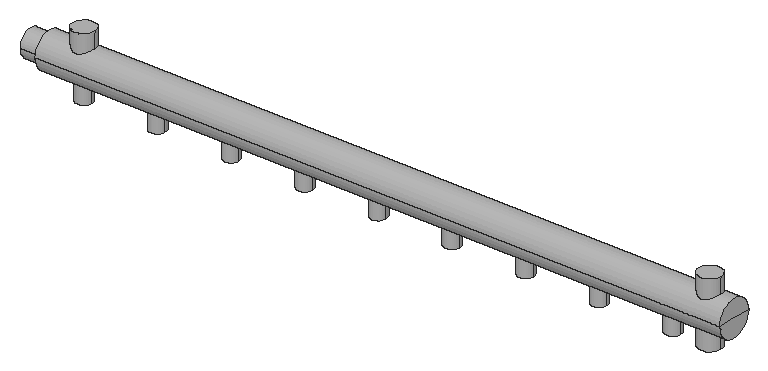
Revit family "VTc.510.BS", category Арматура трубопроводов, Revit 2019
Family settings
  Размер круглого соединителя = Использовать диаметр
  Тип детали = Нормальный
  На основе рабочей плоскости = Нет
  Всегда вертикально = Да
  При загрузке вырезать с полостями = Нет
  Общий = Нет
Parameters
  Type Comments = ""
  Изготовитель = "VALTEC"
  Группа модели = "Коллекторы для воды"
  kv [instance] = if(and(Количество выпусков = 2), 2 mm, if(and(Количество выпусков > 9), 0 mm, Количество выпусков * 1 mm))  # 9 mm
  URL = "https://valtec.ru/"
  N [instance] = 100 mm  # constant formula
  L [instance] = if(and(kv = 2 mm), 255 mm, if(and(kv = 3 mm), 355 mm, if(and(kv = 4 mm), 455 mm, if(and(kv = 5 mm), 555 mm, if(and(kv = 6 mm), 655 mm, if(and(kv = 7 mm), 755 mm, if(and(kv = 8 mm), 855 mm, if(and(kv = 9 mm), 955 mm, kv * 1))))))))  # 955 mm
  Количество выпусков [instance] = 9
  ADSK_Позиция [instance] = ""
  ADSK_Обозначение [instance] = "VTc.510.BS"  # constant formula
  ADSK_Наименование [instance] = "Коллектор из стали с межосевым расстоянием выходов 100 мм"  # constant formula
  ADSK_Материал [instance] = Сталь 3
  ADSK_Масса [instance] = if(and(kv = 2 mm), 1.24, if(and(kv = 3 mm), 1.65, if(and(kv = 4 mm), 2.06, if(and(kv = 5 mm), 2.47, if(and(kv = 6 mm), 2.88, if(and(kv = 7 mm), 3.28, if(and(kv = 8 mm), 3.7, if(and(kv = 9 mm), 3.69, 0))))))))  # 3.69
  ADSK_Код изделия [instance] = if(and(kv = 2 mm), "VTc.510.BS.060402", if(and(kv = 3 mm), "VTc.510.BS.060403", if(and(kv = 4 mm), "VTc.510.BS.060404", if(and(kv = 5 mm), "VTc.510.BS.060405", if(and(kv = 6 mm), "VTc.510.BS.060406", if(and(kv = 7 mm), "VTc.510.BS.060407", if(and(kv = 8 mm), "VTc.510.BS.060408", if(and(kv = 9 mm), "VTc.510.BS.060409", "ошибка"))))))))  # "VTc.510.BS.060409"
  ADSK_Завод-изготовитель [instance] = Изготовитель  # "VALTEC"
  ADSK_Единица измерения [instance] = "шт."  # constant formula
  ADSK_URL страницы изделия [instance] = "https://valtec.ru/catalog/kollektornye_sistemy/kollektory_dlya_vody/kollektor_iz_stali_s_mejosevym_rasstoyaniem_vyhodov_100_mm.html"
  ADSK_URL документации изделия [instance] = "https://valtec.ru/document/technical/VTc.510%20BS-0320.pdf"
Reference planes
  plane 1 "По центру (Вперед/Назад)": y = 0
  plane 2: z = 0
  plane 3 "По центру (Влево/Вправо)": x = 0
  plane 4: y = 24
  plane 5: y = -24
  plane 6: x = -477.5
  plane 7: x = 477.5
  plane 8: y = 18
  plane 9: y = -18
  plane 10: x = -452.5
  plane 11: x = -405.5
  plane 12: z = 44
  plane 13: x = 444.5
  plane 14: x = 394.5
  plane 15: z = -45
  plane 16: z = -44
Forms (mm)
  Revolve 1, solid, material "Сталь 3" <- "ADSK_Материал"
    sketch origin (0, 0, 0) x (1, 0, 0) y (0, 1, 0)
      loop
        line (-477.5, 0) -> (477.5, 0) -> (477.5, 24) -> (-452.5, 24) -> (-452.5, 18) -> (-477.5, 18) -> (-477.5, 0)
      axis (477.5, 0) -> (-477.5, 0)
    angle from 0 to 360
  Extrusion 2, solid, material "Сталь 3" <- "ADSK_Материал"
    sketch origin (0, 0, 0) x (1, 0, 0) y (0, 1, 0)
      loop
        circle (-405.5, 0) r 15
    from 0 to 44
  Extrusion 3, solid, material "Сталь 3" <- "ADSK_Материал"
    sketch origin (0, 0, 0) x (1, 0, 0) y (0, 1, 0)
      loop
        circle (444.5, 0) r 15
    from -44 to 44
Dimensions and locks
  locked: plane 4 to plane 5 at 48
  equal spacing: plane 4, plane 1 "По центру (Вперед/Назад)", plane 5
  equal spacing: plane 6, plane 3 "По центру (Влево/Вправо)", plane 7
  "L": plane 6 to plane 7
  equal spacing: plane 8, plane 1 "По центру (Вперед/Назад)", plane 9
  locked: plane 8 to plane 9 at 36
  locked: plane 6 to plane 10 at 25
  locked: plane 11 to plane 10 at 47
  locked: plane 12 to level at 44
  locked: plane 7 to plane 13 at 33
  locked: plane 13 to plane 14 at 50
  locked: level to plane 16 at 44
  locked: level to plane 15 at 45
  equal spacing: group 10, group 9, group 8, group 7, group 6, group 5, group 4, group 3, group 2
  equal spacing: group 2, group 3, group 4, group 5, group 6, group 7, group 8, group 9, group 10  (x2)
  "N": nested 1 to nested 2
  "N": nested 2 to nested 3
  "N": nested 3 to nested 4
  "N": nested 4 to nested 5
  "N": nested 5 to nested 6
  "N": nested 6 to nested 7
  "N": nested 7 to nested 8
  "N": nested 8 to nested 9
  diameter of Extrusion 2 sketch curve = 30 mm
  diameter of Extrusion 3 sketch curve = 30 mm
  aligned and locked: level to plane 2
  aligned and locked: plane 6 to Revolve 1 sketch curve
  aligned and locked: Revolve 1 sketch curve to plane 8
  aligned and locked: Revolve 1 sketch curve to plane 4
  aligned and locked: Revolve 1 sketch curve to plane 10
  aligned and locked: plane 7 to Revolve 1 sketch curve
  aligned and locked: plane 1 "По центру (Вперед/Назад)" to Revolve 1 sketch curve
  aligned and locked: Revolve 1 sketch curve to plane 1 "По центру (Вперед/Назад)"
  aligned and locked: plane 11 to Extrusion 2 sketch curve
  aligned and locked: plane 1 "По центру (Вперед/Назад)" to Extrusion 2 sketch curve
  aligned and locked: Extrusion 2 to level
  aligned and locked: plane 12 to Extrusion 2
  aligned and locked: plane 13 to Extrusion 3 sketch curve
  aligned and locked: plane 1 "По центру (Вперед/Назад)" to Extrusion 3 sketch curve
  aligned and locked: Extrusion 3 to plane 16
  aligned and locked: plane 12 to Extrusion 3
  aligned and locked: plane 14 to nested 1
  aligned and locked: plane 1 "По центру (Вперед/Назад)" to nested 1
  aligned and locked: plane 1 "По центру (Вперед/Назад)" to nested 2
  aligned and locked: plane 1 "По центру (Вперед/Назад)" to nested 4
  aligned and locked: plane 1 "По центру (Вперед/Назад)" to nested 3
  aligned and locked: plane 1 "По центру (Вперед/Назад)" to nested 5
  aligned and locked: plane 1 "По центру (Вперед/Назад)" to nested 6
  aligned and locked: plane 1 "По центру (Вперед/Назад)" to nested 7
  aligned and locked: plane 1 "По центру (Вперед/Назад)" to nested 8
  aligned and locked: plane 1 "По центру (Вперед/Назад)" to nested 9
  aligned and locked: plane 2 to nested 1
  aligned and locked: level to nested 2
  aligned and locked: level to nested 3
  aligned and locked: level to nested 4
  aligned and locked: level to nested 5
  aligned and locked: level to nested 6
  aligned and locked: level to nested 7
  aligned and locked: level to nested 8
  aligned and locked: level to nested 9
Automatic sketch dimensions
  Revolve 1 sketch curve to plane 6 = 1872.5 mm
  Revolve 1 sketch curve to Revolve 1 sketch curve = 1872.5 mm
Nested families
  nested 1: "VTc.510_выход" at (394.5, 0, 0), ADSK_Материал <- "ADSK_Материал", type "VTc.510_выход"
    with ADSK_Материал Сталь 3
  nested 2: "VTc.510_выход" at (294.5, 0, 0), ADSK_Материал <- "ADSK_Материал", type "VTc.510_выход"
    with ADSK_Материал Сталь 3
  nested 3: "VTc.510_выход" at (194.5, 0, 0), ADSK_Материал <- "ADSK_Материал", type "VTc.510_выход"
    with ADSK_Материал Сталь 3
  nested 4: "VTc.510_выход" at (94.5, 0, 0), ADSK_Материал <- "ADSK_Материал", type "VTc.510_выход"
    with ADSK_Материал Сталь 3
  nested 5: "VTc.510_выход" at (-5.5, 0, 0), ADSK_Материал <- "ADSK_Материал", type "VTc.510_выход"
    with ADSK_Материал Сталь 3
  nested 6: "VTc.510_выход" at (-105.5, 0, 0), ADSK_Материал <- "ADSK_Материал", type "VTc.510_выход"
    with ADSK_Материал Сталь 3
  nested 7: "VTc.510_выход" at (-205.5, 0, 0), ADSK_Материал <- "ADSK_Материал", type "VTc.510_выход"
    with ADSK_Материал Сталь 3
  nested 8: "VTc.510_выход" at (-305.5, 0, 0), ADSK_Материал <- "ADSK_Материал", type "VTc.510_выход"
    with ADSK_Материал Сталь 3
  nested 9: "VTc.510_выход" at (-405.5, 0, 0), ADSK_Материал <- "ADSK_Материал", type "VTc.510_выход"
    with ADSK_Материал Сталь 3
Connectors
  piping at (-477.5, 0, 0), diameter 25
    settings: on Revolve 1, index 12, connector inside diameter 609.6 mm, connector length 0 mm, flow factor 0, pipe flow 0.0 L/s, pressure drop 0.0 Pa, fitting loss kfactor 0, connector angle 0.00°, fixture units 0, engagement length 0 mm, angle of deflection 0.00°, flow configuration 0, flow direction 1, fitting loss method 0, system type 7, joint type 0, gender type 0, connector reference index -1, connector utility 0, adjustable connector no, is connector primary yes, connector description ""
  piping at (444.5, 0, 44), diameter 15
    settings: on Extrusion 3, index 13, connector inside diameter 609.6 mm, connector length 0 mm, flow factor 0, pipe flow 0.0 L/s, pressure drop 0.0 Pa, fitting loss kfactor 0, connector angle 0.00°, fixture units 0, engagement length 0 mm, angle of deflection 0.00°, flow configuration 0, flow direction 2, fitting loss method 0, system type 7, joint type 0, gender type 0, connector reference index -1, connector utility 0, adjustable connector no, is connector primary no, connector description ""
  piping at (-405.5, 0, 44), diameter 15
    settings: on Extrusion 2, index 14, connector inside diameter 609.6 mm, connector length 0 mm, flow factor 0, pipe flow 0.0 L/s, pressure drop 0.0 Pa, fitting loss kfactor 0, connector angle 0.00°, fixture units 0, engagement length 0 mm, angle of deflection 0.00°, flow configuration 0, flow direction 2, fitting loss method 0, system type 7, joint type 0, gender type 0, connector reference index -1, connector utility 0, adjustable connector no, is connector primary no, connector description ""
  piping at (394.5, 0, -45), diameter 15
    settings: on nested 1, index 15, connector inside diameter 609.6 mm, connector length 0 mm, flow factor 0, pipe flow 0.0 L/s, pressure drop 0.0 Pa, fitting loss kfactor 0, connector angle 0.00°, fixture units 0, engagement length 0 mm, angle of deflection 0.00°, flow configuration 0, flow direction 2, fitting loss method 0, system type 7, joint type 0, gender type 0, connector reference index -1, connector utility 0, adjustable connector no, is connector primary no, connector description ""
  piping at (294.5, 0, -45), diameter 15
    settings: on nested 2, index 16, connector inside diameter 609.6 mm, connector length 0 mm, flow factor 0, pipe flow 0.0 L/s, pressure drop 0.0 Pa, fitting loss kfactor 0, connector angle 0.00°, fixture units 0, engagement length 0 mm, angle of deflection 0.00°, flow configuration 0, flow direction 2, fitting loss method 0, system type 7, joint type 0, gender type 0, connector reference index -1, connector utility 0, adjustable connector no, is connector primary no, connector description ""
  piping at (194.5, 0, -45), diameter 15
    settings: on nested 3, index 17, connector inside diameter 609.6 mm, connector length 0 mm, flow factor 0, pipe flow 0.0 L/s, pressure drop 0.0 Pa, fitting loss kfactor 0, connector angle 0.00°, fixture units 0, engagement length 0 mm, angle of deflection 0.00°, flow configuration 0, flow direction 2, fitting loss method 0, system type 7, joint type 0, gender type 0, connector reference index -1, connector utility 0, adjustable connector no, is connector primary no, connector description ""
  piping at (94.5, 0, -45), diameter 15
    settings: on nested 4, index 18, connector inside diameter 609.6 mm, connector length 0 mm, flow factor 0, pipe flow 0.0 L/s, pressure drop 0.0 Pa, fitting loss kfactor 0, connector angle 0.00°, fixture units 0, engagement length 0 mm, angle of deflection 0.00°, flow configuration 0, flow direction 2, fitting loss method 0, system type 7, joint type 0, gender type 0, connector reference index -1, connector utility 0, adjustable connector no, is connector primary no, connector description ""
  piping at (-5.5, 0, -45), diameter 15
    settings: on nested 5, index 19, connector inside diameter 609.6 mm, connector length 0 mm, flow factor 0, pipe flow 0.0 L/s, pressure drop 0.0 Pa, fitting loss kfactor 0, connector angle 0.00°, fixture units 0, engagement length 0 mm, angle of deflection 0.00°, flow configuration 0, flow direction 2, fitting loss method 0, system type 7, joint type 0, gender type 0, connector reference index -1, connector utility 0, adjustable connector no, is connector primary no, connector description ""
  piping at (-105.5, 0, -45), diameter 15
    settings: on nested 6, index 20, connector inside diameter 609.6 mm, connector length 0 mm, flow factor 0, pipe flow 0.0 L/s, pressure drop 0.0 Pa, fitting loss kfactor 0, connector angle 0.00°, fixture units 0, engagement length 0 mm, angle of deflection 0.00°, flow configuration 0, flow direction 2, fitting loss method 0, system type 7, joint type 0, gender type 0, connector reference index -1, connector utility 0, adjustable connector no, is connector primary no, connector description ""
  piping at (-205.5, 0, -45), diameter 15
    settings: on nested 7, index 21, connector inside diameter 609.6 mm, connector length 0 mm, flow factor 0, pipe flow 0.0 L/s, pressure drop 0.0 Pa, fitting loss kfactor 0, connector angle 0.00°, fixture units 0, engagement length 0 mm, angle of deflection 0.00°, flow configuration 0, flow direction 2, fitting loss method 0, system type 7, joint type 0, gender type 0, connector reference index -1, connector utility 0, adjustable connector no, is connector primary no, connector description ""
  piping at (-305.5, 0, -45), diameter 15
    settings: on nested 8, index 22, connector inside diameter 609.6 mm, connector length 0 mm, flow factor 0, pipe flow 0.0 L/s, pressure drop 0.0 Pa, fitting loss kfactor 0, connector angle 0.00°, fixture units 0, engagement length 0 mm, angle of deflection 0.00°, flow configuration 0, flow direction 2, fitting loss method 0, system type 7, joint type 0, gender type 0, connector reference index -1, connector utility 0, adjustable connector no, is connector primary no, connector description ""
  piping at (-405.5, 0, -45), diameter 5
    settings: on nested 9, index 23, connector inside diameter 609.6 mm, connector length 0 mm, flow factor 0, pipe flow 0.0 L/s, pressure drop 0.0 Pa, fitting loss kfactor 0, connector angle 0.00°, fixture units 0, engagement length 0 mm, angle of deflection 0.00°, flow configuration 0, flow direction 2, fitting loss method 0, system type 7, joint type 0, gender type 0, connector reference index -1, connector utility 0, adjustable connector no, is connector primary no, connector description ""
  piping at (444.5, 0, -44), diameter 20
    settings: on Extrusion 3, index 24, connector inside diameter 609.6 mm, connector length 0 mm, flow factor 0, pipe flow 0.0 L/s, pressure drop 0.0 Pa, fitting loss kfactor 0, connector angle 0.00°, fixture units 0, engagement length 0 mm, angle of deflection 0.00°, flow configuration 0, flow direction 2, fitting loss method 0, system type 7, joint type 0, gender type 0, connector reference index -1, connector utility 0, adjustable connector no, is connector primary no, connector description ""
Definition of nested family "VTc.510_выход"
  Parameters (values of type "VTc.510_выход")
    ADSK_Материал [instance] = none
  Reference planes
    plane 1 "По центру (Вперед/Назад)": y = 0
    plane 2: z = 0
    plane 3 "По центру (Влево/Вправо)": x = 0
    plane 4: z = -45
  Forms (mm)
    Extrusion 1, solid, material <- "ADSK_Материал"
      sketch origin (0, 0, 0) x (1, 0, 0) y (0, 1, 0)
        loop
          circle (0, 0) r 10.5
      from -45 to 0
  Dimensions and locks
    locked: level to plane 4 at 45
    diameter of Extrusion 1 sketch curve = 21 mm
    aligned and locked: level to plane 2
    aligned and locked: level to Extrusion 1
    aligned and locked: Extrusion 1 to plane 4
